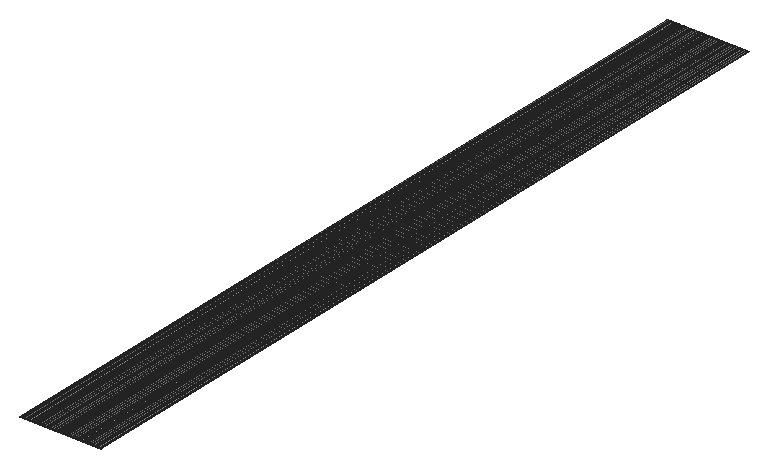
Revit family "111213058058734", category Modelos genéricos, Revit 2018
Family settings
  Puede alojar armadura = No
  Cota de conector redondo = Diámetro de uso
  Tipo de pieza = Normal
  Se basa en plano de trabajo = No
  Siempre vertical = No
  Corte con vacíos al cargar = No
  Compartido = No
  Punto de cálculo de habitación = No
Parameters (values of type "DESCANSO NEO PVC 300MM GRIS TIRA 3.00")
  Ventajas = "Autoextinguible"
  Uso = "Es un producto que se instala en los descansos de las escaleras, es una solución\r\nfabricada en PVC, ideal para zonas de medio y alto trafico, con estrías antideslizantes.\r\nIdeal para: Edificios Públicos y Privados, Colegios, Universidades, Centros comerciales,\r\nAeropuertos, Hoteles, Edificios Habitacionales, entre otros."
  Unidad = "Tiras de 1.20 Mts y 3.00 Mts."
  URL = "https://www.empresascnp.cl/"
  Num SKUs = "111213058058734"
  Nombre SKU = "DESCANSO NEO PVC 300MM GRIS TIRA 3MT"
  Modelo = "DESCANSO NEO PVC 300MM"
  Material = PVC flexible gris
  Url Ficha tecnica = "https://empresascnp.cl/wp-content/uploads//pdf/ficha-tecnica-descanso-neo-pvc-300mm-negro-tira-3mt.pdf"
  Largo = 3000.00 mm
  Espesor = 2.00 mm
  Empresa = "CNP SPA."
  Dureza = "80 shore A"
  Dimension = 300.00 mm
  Descripción = "Grada Neo 300x50 MM."
  Contacto = "info@empresascnp.cl"
  Color = "GRIS"
  Aplicacion = "Escaleras"
  Alto = 50.00 mm
Reference planes
  plane 1 "Center F/B": y = 0
  plane 2: z = 0
  plane 3 "Center L/R": x = 0
  plane 4: z = -50
  plane 5 "2": y = 1500
  plane 6 "3": y = -1500
  plane 7: x = 300
  plane 8: z = -2
  plane 9 "4": x = 2
Forms (mm)
  Extrusion 1, solid, material "PVC flexible gris" <- "Material"
    sketch origin (0, 0, 0) x (1, 0, 0) y (0, 0, 1)
      loop
        line (300, -0.79) -> (299, -0.79) -> (299, 0) -> (297, 0) -> (297, -0.79) -> (296, -0.79) -> (296, 0) -> (294, 0) -> (294, -0.79) -> (293, -0.79) -> (293, 0) -> (291, 0) -> (291, -0.79) -> (287, -0.79) -> (287, 0) -> (285, 0) -> (285, -0.79) -> (284, -0.79) -> (284, 0) -> (282, 0) -> (282, -0.79) -> (281, -0.79) -> (281, 0) -> (279, 0) -> (279, -0.79) -> (278, -0.79) -> (278, 0) -> (276, 0) -> (276, -0.79) -> (272, -0.79) -> (272, 0) -> (270, 0) -> (270, -0.79) -> (269, -0.79) -> (269, 0) -> (267, 0) -> (267, -0.79) -> (266, -0.79) -> (266, 0) -> (264, 0) -> (264, -0.79) -> (263, -0.79) -> (263, 0) -> (261, 0) -> (261, -0.79) -> (257, -0.79) -> (257, 0) -> (255, 0) -> (255, -0.79) -> (254, -0.79) -> (254, 0) -> (252, 0) -> (252, -0.79) -> (251, -0.79) -> (251, 0) -> (249, 0) -> (249, -0.79) -> (248, -0.79) -> (248, 0) -> (246, 0) -> (246, -0.79) -> (242, -0.79) -> (242, 0) -> (240, 0) -> (240, -0.79) -> (239, -0.79) -> (239, 0) -> (237, 0) -> (237, -0.79) -> (236, -0.79) -> (236, 0) -> (234, 0) -> (234, -0.79) -> (233, -0.79) -> (233, 0) -> (231, 0) -> (231, -0.79) -> (227, -0.79) -> (227, 0) -> (225, 0) -> (225, -0.79) -> (224, -0.79) -> (224, 0) -> (222, 0) -> (222, -0.79) -> (221, -0.79) -> (221, 0) -> (219, 0) -> (219, -0.79) -> (218, -0.79) -> (218, 0) -> (216, 0) -> (216, -0.79) -> (212, -0.79) -> (212, 0) -> (210, 0) -> (210, -0.79) -> (209, -0.79) -> (209, 0) -> (207, 0) -> (207, -0.79) -> (206, -0.79) -> (206, 0) -> (204, 0) -> (204, -0.79) -> (203, -0.79) -> (203, 0) -> (201, 0) -> (201, -0.79) -> (197, -0.79) -> (197, 0) -> (195, 0) -> (195, -0.79) -> (194, -0.79) -> (194, 0) -> (192, 0) -> (192, -0.79) -> (191, -0.79) -> (191, 0) -> (189, 0) -> (189, -0.79) -> (188, -0.79) -> (188, 0) -> (186, 0) -> (186, -0.79) -> (182, -0.79) -> (182, 0) -> (180, 0) -> (180, -0.79) -> (179, -0.79) -> (179, 0) -> (177, 0) -> (177, -0.79) -> (176, -0.79) -> (176, 0) -> (174, 0) -> (174, -0.79) -> (173, -0.79) -> (173, 0) -> (171, 0) -> (171, -0.79) -> (167, -0.79) -> (167, 0) -> (165, 0) -> (165, -0.79) -> (164, -0.79) -> (164, 0) -> (162, 0) -> (162, -0.79) -> (161, -0.79) -> (161, 0) -> (159, 0) -> (159, -0.79) -> (158, -0.79) -> (158, 0) -> (156, 0) -> (156, -0.79) -> (152, -0.79) -> (152, 0) -> (150, 0) -> (150, -0.79) -> (149, -0.79) -> (149, 0) -> (147, 0) -> (147, -0.79) -> (146, -0.79) -> (146, 0) -> (144, 0) -> (144, -0.79) -> (143, -0.79) -> (143, 0) -> (141, 0) -> (141, -0.79) -> (137, -0.79) -> (137, 0) -> (135, 0) -> (135, -0.79) -> (134, -0.79) -> (134, 0) -> (132, 0) -> (132, -0.79) -> (131, -0.79) -> (131, 0) -> (129, 0) -> (129, -0.79) -> (128, -0.79) -> (128, 0) -> (126, 0) -> (126, -0.79) -> (122, -0.79) -> (122, 0) -> (120, 0) -> (120, -0.79) -> (119, -0.79) -> (119, 0) -> (117, 0) -> (117, -0.79) -> (116, -0.79) -> (116, 0) -> (114, 0) -> (114, -0.79) -> (113, -0.79) -> (113, 0) -> (111, 0) -> (111, -0.79) -> (107, -0.79) -> (107, 0) -> (105, 0) -> (105, -0.79) -> (104, -0.79) -> (104, 0) -> (102, 0) -> (102, -0.79) -> (101, -0.79) -> (101, 0) -> (99, 0) -> (99, -0.79) -> (98, -0.79) -> (98, 0) -> (96, 0) -> (96, -0.79) -> (92, -0.79) -> (92, 0) -> (90, 0) -> (90, -0.79) -> (89, -0.79) -> (89, 0) -> (87, 0) -> (87, -0.79) -> (86, -0.79) -> (86, 0) -> (84, 0) -> (84, -0.79) -> (83, -0.79) -> (83, 0) -> (81, 0) -> (81, -0.79) -> (77, -0.79) -> (77, 0) -> (75, 0) -> (75, -0.79) -> (74, -0.79) -> (74, 0) -> (72, 0) -> (72, -0.79) -> (71, -0.79) -> (71, 0) -> (69, 0) -> (69, -0.79) -> (68, -0.79) -> (68, 0) -> (66, 0) -> (66, -0.79) -> (62, -0.79) -> (62, 0) -> (60, 0) -> (60, -0.79) -> (59, -0.79) -> (59, 0) -> (57, 0) -> (57, -0.79) -> (56, -0.79) -> (56, 0) -> (54, 0) -> (54, -0.79) -> (53, -0.79) -> (53, 0) -> (51, 0) -> (51, -0.79) -> (47, -0.79) -> (47, 0) -> (45, 0) -> (45, -0.79) -> (44, -0.79) -> (44, 0) -> (42, 0) -> (42, -0.79) -> (41, -0.79) -> (41, 0) -> (39, 0) -> (39, -0.79) -> (38, -0.79) -> (38, 0) -> (36, 0) -> (36, -0.79) -> (32, -0.79) -> (32, 0) -> (30, 0) -> (30, -0.79) -> (29, -0.79) -> (29, 0) -> (27, 0) -> (27, -0.79) -> (26, -0.79) -> (26, 0) -> (24, 0) -> (24, -0.79) -> (23, -0.79) -> (23, 0) -> (21, 0) -> (21, -0.79) -> (17, -0.79) -> (17, 0) -> (15, 0) -> (15, -0.79) -> (14, -0.79) -> (14, 0) -> (12, 0) -> (12, -0.79) -> (11, -0.79) -> (11, 0) -> (9, 0) -> (9, -0.79) -> (8, -0.79) -> (8, 0) -> (6, 0) -> (6, -0.79) -> (2, -0.79) -> (2, 0) -> (0, 0) -> (0, -2) -> (300, -2) -> (300, -0.79)
    from -1500 to 1500
Dimensions and locks
  "Alto": level to plane 4
  equal spacing: plane 6 "3", plane 1 "Center F/B", plane 5 "2"
  "Largo": plane 6 "3" to plane 5 "2"
  "Dimension": plane 7 to plane 3 "Center L/R"
  "Espesor": plane 2 to Extrusion 1 sketch curve
  aligned and locked: plane 6 "3" to Extrusion 1
  aligned and locked: Extrusion 1 to plane 5 "2"
  aligned and locked: Extrusion 1 sketch curve to plane 7
Automatic sketch dimensions
  Extrusion 1 sketch curve to level = 0.00 mm  (x80)
  Extrusion 1 sketch curve to plane 3 "Center L/R" = 0.00 mm
  Extrusion 1 sketch curve to plane 9 "4" = 0.00 mm
  plane 9 "4" to Extrusion 1 sketch curve = 4.00 mm
  Extrusion 1 sketch curve to Extrusion 1 sketch curve = 2.00 mm  (x78)
  Extrusion 1 sketch curve to Extrusion 1 sketch curve = 1.00 mm  (x59)
  Extrusion 1 sketch curve to level = 0.79 mm  (x77)
  Extrusion 1 sketch curve to Extrusion 1 sketch curve = 4.00 mm  (x19)
  Extrusion 1 sketch curve to plane 7 = 1.00 mm
  Extrusion 1 sketch curve to Extrusion 1 sketch curve = 0.79 mm  (x3)
